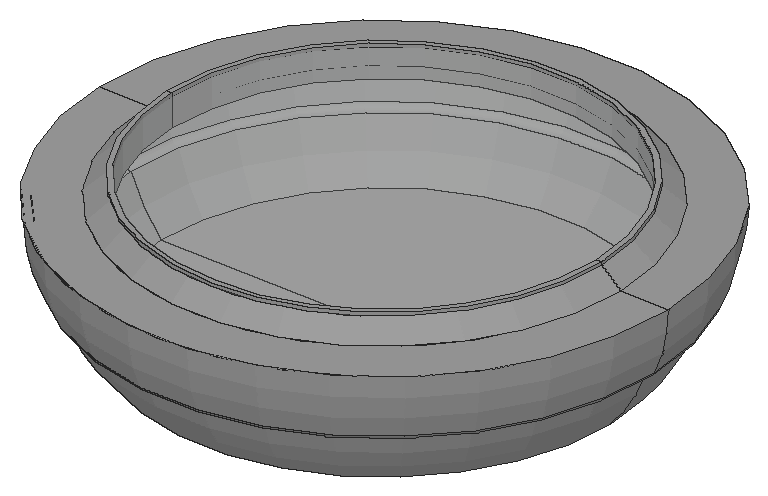
Revit family "ORB", category Lighting Fixtures, host Face, Revit 2012
Parameters
  Wattage = 20 W
  built-in parameter 1150110 = 1 (stored number, unit not read)
  Wattage Comments = "60W, 18 Nichia 2198 Lamps"
  Voltage = "120 - 277V"
  URL = "http://www.beaconproducts.com/"
  built-in parameter 1114217 = 1 (stored number, unit not read)
  Tilt Angle = -90.00°
  built-in parameter 1150109 = 1 (stored number, unit not read)
  built-in parameter 1150134 = 3
  built-in parameter 1150113 = 1 (stored number, unit not read)
  Product Page URL = ""
  Product Documentation Link = ""
  Photometric Web File = "generic"
  built-in parameter 1150142 = (empty or 0)
  Nominal Watts = 0 W
  Model = "Orbeon"  # constant formula
  Manufacturer Phone = "800-345-4928"  # constant formula
  Manufacturer Fax = "941-751-5535"  # constant formula
  Manufacturer = "Beacon Lighting"  # constant formula
  built-in parameter 1150105 = 236.41 (stored number, unit not read)
  Lumens = 2970.84 lm
  built-in parameter 1150115 = 1 (stored number, unit not read)
  built-in parameter 1150137 = (empty or 0)
  built-in parameter 1150139 = (empty or 0)
  Light Bulb Material = Hubbell - Glass
  built-in parameter 1150112 = 1 (stored number, unit not read)
  built-in parameter 1150114 = 1 (stored number, unit not read)
  Lamp = "LED Lamp"
  built-in parameter 1150132 = (empty or 0)
  built-in parameter 1150102 = (empty or 0)
  built-in parameter 1150107 = 3200 (stored number, unit not read)
  built-in parameter 1150138 = (empty or 0)
  built-in parameter 1150106 = 2.3641 (stored number, unit not read)
  Emit from Circle Diameter = 24.00"
  Emit Shape Visible in Rendering = no
  built-in parameter 1150104 = 13.8 (stored number, unit not read)
  Dimming Lamp Color Temperature Shift = (empty or 0)
  Description = "Orbeon is a commercial grade LED parking garage and canopy downlight which utilizes high powered LEDs, precise efficient optical control, and features\r\napplication versatility through integrated intelligent control options."  # constant formula
  Default Elevation = 48.00"
  Colour Fixture [instance] = ORB : Green Textured
  Color Filter = 16777215
  built-in parameter 1114218 = 1 (stored number, unit not read)
  built-in parameter 1150133 = 10 (stored number, unit not read)
  Apparent Load = 0 VA
Reference planes (in)
  plane 1 "Center (Front/Back)": y = 0.03999
  plane 2: z = 0
  plane 3 "Center (Left/Right)": x = 1.66944
Dimensions and locks (in)
  aligned and locked: plane 2 to host face
  aligned and locked: level to host face
  aligned and locked: plane 3 "Center (Left/Right)" to nested 1
  aligned and locked: plane 1 "Center (Front/Back)" to nested 1
  aligned and locked: plane 3 "Center (Left/Right)" to imposter light
  aligned and locked: imposter light to plane 1 "Center (Front/Back)"
Nested families (in)
  nested 1: "ORB" at (0, 0, 0), type <- "Colour Fixture", type "Green Textured"
Definition of nested family "ORB"
  Parameters (values of type "Green Textured")
    Voltage = 120 V
    Wattage Comments = "60W, 18 Nichia 2198 Lamps"
    URL = "http://www.beaconproducts.com/"
    Product Page URL = ""
    Product Material = Green Textured
    Product Documentation Link = ""
    Nominal Watts = 60 W
    Model = "ORB"  # constant formula
    Manufacturer Phone = "(800) 345-4928"  # constant formula
    Manufacturer Fax = "(941) 751-5535"  # constant formula
    Manufacturer = "Beacon Lighting"  # constant formula
    Light Bulb Material = Hubbell - Glass
    Lamp = "LED Lamp"
    Description = "Orbeon is a commercial grade LED parking garage and canopy downlight\r\nwhich utilizes high powered LEDs, precise efficient optical control, and features\r\napplication versatility through integrated intelligent control options."  # constant formula
    Default Elevation = 48.00"
    Apparent Load = 0 VA
  Types (12): name | Product Material
    Basic Black Textured | Hubbell - Basic Black Textured
    Black Matte Textured | Black Matte Textured
    Bronze Textured | Bronze Textured
    Dark Bronze Textured | Dark Bronze Textured
    Dark Platinum Smooth | Dark Platinum Smooth
    Gray Smooth | Gray Smooth
    Green Textured | Green Textured
    Metallic Bronze Textured | Metallic Bronze Textured
    Metallic Silver Textured | Metallic Silver Textured
    Metallic Titanium Textured | Metallic Titanium Textured
    Old World Iron | Old World Iron
    White Texture | White Texture
  Reference planes (in)
    plane 1 "Center (Front/Back)": y = 0.03999
    plane 2: z = 0
    plane 3 "Center (Left/Right)": x = 1.66944
    plane 4: x = -3.95556
    plane 5: x = 7.29444
    plane 6: z = 3.89691
    plane 7: z = -0.60309
    plane 8: z = -1.35309
    plane 9: y = 2.28999
    plane 10: y = -2.21001
    plane 11: x = 1.40806
    plane 12: x = 1.93083
  Forms (in)
    Extrusion 1, solid
      sketch origin (0, 0, 0.06357) x (1, 0, 0) y (0, 1, 0)
        loop
          line (-48, 48) -> (-48, -48) -> (48, -48) -> (48, 48) -> (-48, 48)
      from -0.06357 to -17.74365
    Revolve 2, solid, material "Green Textured" <- "Product Material"
      sketch origin (0, 0.03999, 0) x (1, 0, 0) y (0, 0, 1)
        loop
          line (1.66944, -1.35309) -> (2.05528, -1.35309) -> (2.05528, -0.90926) -> (2.00535, -0.90926) -> (2.00535, 0) -> (6.15042, 0)
          arc (6.15042, 0) -> (6.55438, 0.51364) -> (6.83895, 1.10188) r 3.03335
          arc (6.83895, 1.10188) -> (6.9419, 1.12543) -> (7.01376, 1.2028) r 0.17943
          arc (7.01376, 1.2028) -> (7.22214, 1.79497) -> (7.29444, 2.41855) r 2.82199
          line (7.29444, 2.41855) -> (6.34105, 2.41855) -> (5.9637, 2.74658) -> (5.9637, 2.808) -> (5.86913, 2.808) -> (5.86913, 2.18178) -> (5.9637, 2.18178) -> (5.9637, 2.3119) -> (7.12687, 2.3119)
          arc (7.12687, 2.3119) -> (7.04271, 1.75518) -> (6.84971, 1.22624) r 2.82199
          arc (6.84971, 1.22624) -> (6.77784, 1.14886) -> (6.6749, 1.12531) r 0.17943
          arc (6.6749, 1.12531) -> (6.42615, 0.59589) -> (6.08041, 0.12405) r 3.03335
          line (6.08041, 0.12405) -> (1.66944, 0.12405) -> (1.66944, -1.35309)
        axis (1.66944, 2.808) -> (1.66944, -1.35309)
      angle from 0 to 360
    Extrusion 3, solid, material "Hubbell - Glass" <- "Light Bulb Material"
      sketch origin (0, 0, 0) x (1, 0, 0) y (0, 1, 0)
        loop
          circle (1.66944, 0.03999) r 4.19969
      from 2.41855 to 2.74658
    Extrusion 4, solid, material "Green Textured" <- "Product Material"
      sketch origin (0, 0.03999, 0) x (1, 0, 0) y (0, 0, 1)
        loop
          line (-0.94467, 0) -> (-0.94467, -0.32733)
          arc (-0.94467, -0.32733) -> (-0.8639, -0.52232) -> (-0.66891, -0.60309) r 0.27576
          line (-0.66891, -0.60309) -> (1.66944, -0.60309) -> (4.00779, -0.60309)
          arc (4.00779, -0.60309) -> (4.20278, -0.52232) -> (4.28355, -0.32733) r 0.27576
          line (4.28355, -0.32733) -> (4.28355, 0) -> (4.19251, 0) -> (4.19251, -0.36143)
          arc (4.19251, -0.36143) -> (4.15184, -0.45962) -> (4.05364, -0.5003) r 0.13887
          line (4.05364, -0.5003) -> (1.66944, -0.5003) -> (-0.71476, -0.5003)
          arc (-0.71476, -0.5003) -> (-0.81295, -0.45962) -> (-0.85362, -0.36143) r 0.13887
          line (-0.85362, -0.36143) -> (-0.85362, 0) -> (-0.94467, 0)
      from -2.25 to 2.25
  Dimensions and locks (in)
    equal spacing: plane 4, plane 3 "Center (Left/Right)", plane 5, locked at 5.625 each
    locked: plane 4 to plane 5 at 11.25
    locked: plane 6 to plane 7 at 4.5
    locked: plane 6 to plane 8 at 5.25
    equal spacing: plane 10, plane 1 "Center (Front/Back)", plane 9, locked at 2.25 each
    locked: plane 10 to plane 9 at 4.5
    equal spacing: plane 12, plane 3 "Center (Left/Right)", plane 11, locked at 0.26139 each
    aligned and locked: plane 2 to Extrusion 1
    aligned and locked: level to Extrusion 1
    aligned and locked: Revolve 2 sketch curve to plane 3 "Center (Left/Right)"
    aligned and locked: Revolve 2 sketch curve to Revolve 2 sketch curve
    aligned and locked: Extrusion 3 sketch curve to Revolve 2  (x2)
    aligned and locked: Extrusion 3 to Revolve 2  (x2)
    aligned and locked: Extrusion 4 to plane 9
    aligned and locked: Extrusion 4 to plane 10
    aligned and locked: Extrusion 4 sketch curve to Extrusion 1
    aligned and locked: Extrusion 1 to Extrusion 4 sketch curve
    aligned and locked: plane 7 to Extrusion 4 sketch curve
  Automatic sketch dimensions
    Extrusion 1 sketch curve to Extrusion 1 sketch curve = 96.00"  (x2)
    Extrusion 4 sketch curve to plane 3 "Center (Left/Right)" = 0.00"  (x2)
    plane 7 to Extrusion 4 sketch curve = 0.27576"  (x2)
    Extrusion 4 sketch curve to plane 3 "Center (Left/Right)" = 2.33835"
    Extrusion 4 sketch curve to Extrusion 4 sketch curve = 0.04585"  (x2)
    Extrusion 4 sketch curve to Extrusion 4 sketch curve = 0.09104"  (x2)
    plane 3 "Center (Left/Right)" to Extrusion 4 sketch curve = 2.33835"
    Extrusion 4 sketch curve to Extrusion 4 sketch curve = 0.10279"
    Revolve 2 sketch curve to level = 0.00"
    Revolve 2 sketch curve to plane 8 = 0.00"
    plane 5 to Revolve 2 sketch curve = 0.00"
    plane 3 "Center (Left/Right)" to Revolve 2 sketch curve = 0.33591"
    Revolve 2 sketch curve to Revolve 2 sketch curve = 0.38584"
    Revolve 2 sketch curve to Revolve 2 sketch curve = 0.16406"  (x4)
    Revolve 2 sketch curve to Revolve 2 sketch curve = 0.32647"
    Revolve 2 sketch curve to Revolve 2 sketch curve = 1.39665"
    Revolve 2 sketch curve to Revolve 2 sketch curve = 0.09457"  (x2)
    plane 5 to Revolve 2 sketch curve = 1.21403"
    Revolve 2 sketch curve to Revolve 2 sketch curve = 0.07002"
    Revolve 2 sketch curve to Revolve 2 sketch curve = 0.37735"
    plane 5 to Revolve 2 sketch curve = 0.61955"
    Revolve 2 sketch curve to Revolve 2 sketch curve = 0.01323"
    Revolve 2 sketch curve to Revolve 2 sketch curve = 0.01076"
    Revolve 2 sketch curve to Revolve 2 sketch curve = 0.00"  (x2)
    Revolve 2 sketch curve to Revolve 2 sketch curve = 0.00247"
    plane 5 to Revolve 2 sketch curve = 0.16757"
    Revolve 2 sketch curve to plane 8 = 22.64691"
    Revolve 2 sketch curve to plane 7 = 0.30617"
    level to Revolve 2 sketch curve = 1.10188"
    Revolve 2 sketch curve to Revolve 2 sketch curve = 0.02344"
    Revolve 2 sketch curve to Revolve 2 sketch curve = 0.10093"
    Revolve 2 sketch curve to Revolve 2 sketch curve = 0.05458"
    Revolve 2 sketch curve to Revolve 2 sketch curve = 0.5648"
    Revolve 2 sketch curve to Revolve 2 sketch curve = 0.06142"
    plane 6 to Revolve 2 sketch curve = 98.82191"
    Revolve 2 sketch curve to Revolve 2 sketch curve = 0.13011"
    Revolve 2 sketch curve to plane 6 = 1.7524"
    plane 3 "Center (Left/Right)" to Revolve 2 sketch curve = 2.14845"
